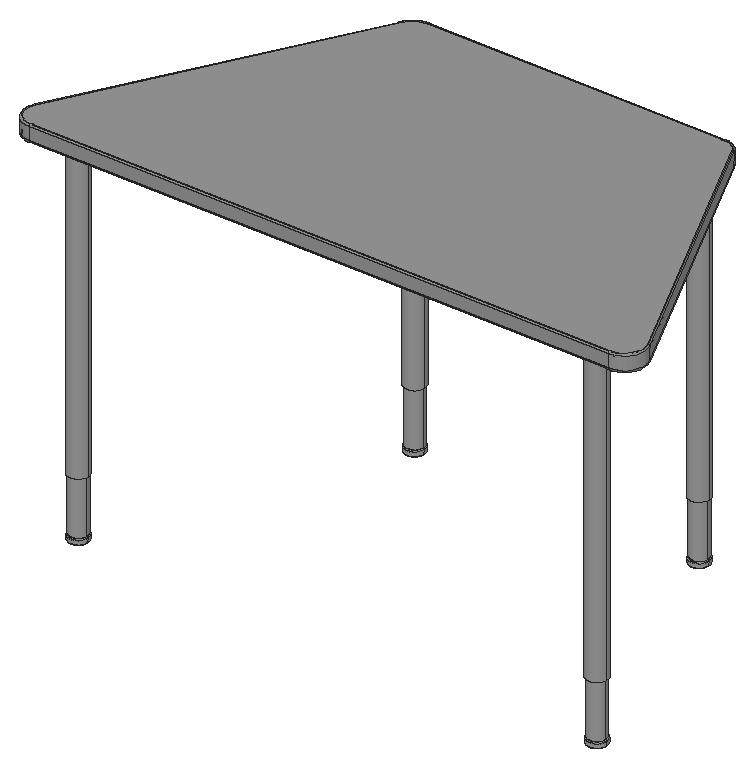
Revit family "Hierarchy Activity 48x24 Trapezoid", category Generic Models, Revit 2018
Family settings
  Can host rebar = No
  Round Connector Dimension = Use Diameter
  Part Type = Normal
  Work Plane-Based = No
  Always vertical = Yes
  Cut with Voids When Loaded = No
  Shared = No
  Room Calculation Point = No
Parameters
  Table Height = 2' - 2 1/2"
  Surface = Hierarchy Activity 4824 Trapezoid Surface
  Leg Finish = Shapes Leg Platinum
  Edgeband = Hierarchy Activity 4824 Trapezoid Edgeband
  Caster/Glider = Shapes Leg - Glider : Shapes Leg - Glider
Reference planes (in)
  plane 1 "Center (Front/Back)": y = 0
  plane 2: z = 0
  plane 3 "Center (Left/Right)": x = 0
  plane 4: z = 26.5
Dimensions and locks (in)
  "Table Height": plane 4 to level
  aligned and locked: plane 2 to level
  aligned and locked: nested 1 to plane 4
Nested families (in)
  nested 1: "Activity 48x24 Trapezoid Tabletop" at (0, 0, 2.575), type "Activity 48x24 Trapezoid Tabletop"
  nested 2: "Shapes Leg - Glider" at (-10.61204, 9.56432, 0), Leg Height <- "Table Height", Shapes Leg Finish <- "Leg Finish", type <- "Caster/Glider", type "Shapes Leg - Glider"
    with Shapes Leg Finish Shapes Leg Platinum, Leg Height 2' - 2 1/2"
  nested 3: "Shapes Leg - Glider" at (-19.33274, -10.86543, 0), Leg Height <- "Table Height", Shapes Leg Finish <- "Leg Finish", type "Shapes Leg - Glider"
    with Shapes Leg Finish Shapes Leg Platinum, Leg Height 2' - 2 1/2"
  nested 4: "Shapes Leg - Glider" at (19.33274, -10.86543, 0), Leg Height <- "Table Height", Shapes Leg Finish <- "Leg Finish", type "Shapes Leg - Glider"
    with Shapes Leg Finish Shapes Leg Platinum, Leg Height 2' - 2 1/2"
  nested 5: "Shapes Leg - Glider" at (10.61204, 9.56432, 0), Leg Height <- "Table Height", Shapes Leg Finish <- "Leg Finish", type <- "Caster/Glider", type "Shapes Leg - Glider"
    with Shapes Leg Finish Shapes Leg Platinum, Leg Height 2' - 2 1/2"
Definition of nested family "Activity 48x24 Trapezoid Tabletop"
  Parameters (values of type "Activity 48x24 Trapezoid Tabletop")
    Surface = none
    Edgeband = none
  Reference planes (in)
    plane 1 "Center (Front/Back)": y = 0
    plane 2: z = 0
    plane 3 "Center (Left/Right)": x = 0
  Forms (in)
    Extrusion 1, solid, material <- "Surface"
      sketch origin (0, 0, 0) x (1, 0, 0) y (0, 1, 0)
        loop
          arc (-22.80895, -10.5) -> (-22.74845, -11.8445) -> (-21.57295, -12.49989) r 1.38189
          line (-21.57295, -12.49989) -> (21.57295, -12.49989)
          arc (21.57295, -12.49989) -> (22.74846, -11.8445) -> (22.80895, -10.5) r 1.38189
          line (22.80895, -10.5) -> (12.30895, 10.5)
          arc (12.30895, 10.5) -> (11.79945, 11.05751) -> (11.07295, 11.26389) r 1.38189
          line (11.07295, 11.26389) -> (-11.07295, 11.26389)
          arc (-11.07295, 11.26389) -> (-11.79945, 11.05751) -> (-12.30895, 10.5) r 1.38189
          line (-12.30895, 10.5) -> (-22.80895, -10.5)
      from 23.925 to 25.125
    Sweep 2, solid, material <- "Edgeband"
      path origin (0, 0, 0) x (1, 0, 0) y (0, 1, 0)
        loop
          line (-21.57295, -12.49989) -> (21.57295, -12.49989)
          arc (21.57295, -12.49989) -> (22.74846, -11.8445) -> (22.80895, -10.5) r 1.38189
          line (22.80895, -10.5) -> (12.30895, 10.5)
          arc (12.30895, 10.5) -> (11.79945, 11.05751) -> (11.07295, 11.26389) r 1.38189
          line (11.07295, 11.26389) -> (-11.07295, 11.26389)
          arc (-11.07295, 11.26389) -> (-11.79945, 11.05751) -> (-12.30895, 10.5) r 1.38189
          line (-12.30895, 10.5) -> (-22.80895, -10.5)
          arc (-22.80895, -10.5) -> (-22.74845, -11.8445) -> (-21.57295, -12.49989) r 1.38189
      profile origin (0, -12.49989, 0) x (0, 1, 0) y (0, 0, 1)
        loop
          arc (0, 25.125) -> (-0.08352, 25.09041) -> (-0.11811, 25.00689) r 0.11811
          line (-0.11811, 25.00689) -> (-0.11811, 24.04311)
          arc (-0.11811, 24.04311) -> (-0.08352, 23.95959) -> (0, 23.925) r 0.11811
          line (0, 23.925) -> (0, 25.125)
  Dimensions and locks (in)
    aligned and locked: plane 2 to level
Definition of nested family "Shapes Leg - Glider"
  Parameters (values of type "Shapes Leg - Glider")
    Shapes Leg Finish [instance] = none
    Leg Height [instance] = 2' - 4 1/2"
  Reference planes (in)
    plane 1 "Center (Front/Back)": y = 0
    plane 2: z = 0
    plane 3 "Center (Left/Right)": x = 0
  Forms (in)
    Extrusion 1, solid
      sketch origin (-0.01562, 0, 0) x (1, 0, 0) y (0, 1, 0)
        loop
          circle (0.01563, 0) r 0.64906
      from 0.50586 to 20.17439
  Dimensions and locks (in)
    "Leg Height": nested 2 to level
    aligned and locked: plane 2 to level
  Automatic sketch dimensions
    plane 1 "Center (Front/Back)" to Extrusion 1 sketch curve = 0' - 0"
    Extrusion 1 sketch curve to plane 3 "Center (Left/Right)" = 0' - 0"
    radius of Extrusion 1 sketch curve = 0' - 0.64906"
  Nested families (in)
    nested 1: "Glider" at (0, 0, 0), type "Glider"
    nested 2: "Shapes Upper Leg" at (0, 0, 0), Shapes Leg Finish <- "Shapes Leg Finish", type "Shapes Upper Leg"
      with Shapes Leg Finish none
  Definition of nested family "Glider"
    Reference planes (in)
      plane 1 "Center (Front/Back)": y = 0
      plane 2: z = 0
      plane 3 "Center (Left/Right)": x = 0
    Forms (in)
      Revolve 1, solid
        sketch origin (0, 0, 0) x (1, 0, 0) y (0, 0, 1)
          loop
            line (0.26614, 0.50586) -> (0, 0.50586) -> (0, 0.09994) -> (0.71656, 0.09994) -> (0.71656, 0.37634)
            arc (0.71656, 0.37634) -> (0.70181, 0.41548) -> (0.66511, 0.43552) r 0.06011
            arc (0.66511, 0.43552) -> (0.46609, 0.45951) -> (0.26614, 0.47365) r 4.06535
            line (0.26614, 0.47365) -> (0.26614, 0.50586)
          axis (0, 0.50586) -> (0, 0.09994)
        angle from 0 to 360
      Revolve 2, solid
        sketch origin (0, 0, 0) x (1, 0, 0) y (0, 0, 1)
          loop
            line (0.65534, 0.1212) -> (0, 0.1212) -> (0, 0) -> (0.57593, 0)
            arc (0.57593, 0) -> (0.63208, 0.02326) -> (0.65534, 0.07941) r 0.07941
            line (0.65534, 0.07941) -> (0.65534, 0.1212)
          axis (0, 0.1212) -> (0, 0)
        angle from 0 to 360
    Dimensions and locks (in)
      aligned and locked: plane 2 to level
  Definition of nested family "Shapes Upper Leg"
    Parameters (values of type "Shapes Upper Leg")
      Shapes Leg Finish [instance] = none
    Reference planes (in)
      plane 1 "Center (Front/Back)": y = 0
      plane 2: z = 0
      plane 3 "Center (Left/Right)": x = 0
    Forms (in)
      Extrusion 1, solid, material <- "Shapes Leg Finish"
        sketch origin (0, 0, 0) x (1, 0, 0) y (0, 1, 0)
          loop
            circle (0, 0) r 0.75
        from 6.5 to 28.5
    Dimensions and locks (in)
      aligned and locked: plane 2 to level
